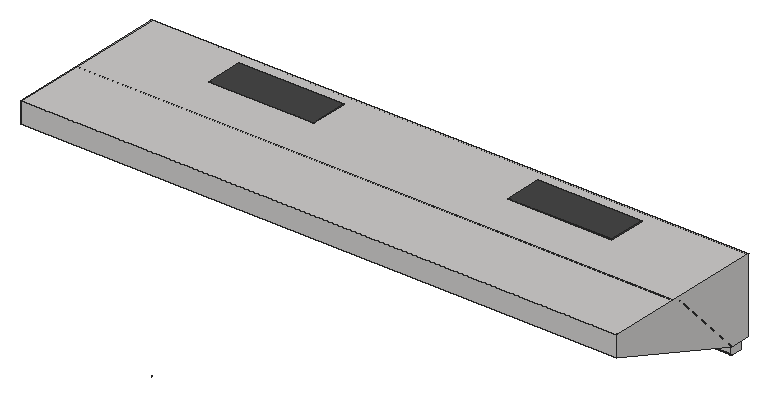
Revit family "QF_ELECTROLUXPROFESSIONAL_642096_MP1140DT", category Specialty Equipment, Revit 2014
Reference planes
  plane 1 "Center (Front/Back)": y = 0
  plane 2: z = 0
  plane 3 "Center (Left/Right)": x = 150
  plane 4 "LEFT": x = -1850
  plane 5 "RIGHT": x = 2150
  plane 6 "BACK": y = 550
  plane 7 "FRONT": y = -550
  plane 8 "Plane": z = 2000
  plane 9 "TOP": z = 2140
  plane 10 "Base": z = 1640
  plane 11: z = 1566
  plane 12 "DrainY": y = 485
  plane 13: x = -1847
  plane 14: through (0, 414.509, 1640.8) normal (0, 0.7314, 0.682)
  plane 15: y = 470
  plane 16: y = 220
  plane 17 "DrainX": x = 2030
  plane 18: x = -500
  plane 19: x = 800
  plane 20: x = -1200
  plane 21: x = 1500
  plane 22: x = 2147
  plane 23: x = 1940
  plane 24: x = 2120
  plane 25: x = -1810
  plane 26: x = -1445
  plane 27: x = -1050
  plane 28: x = 2110
  plane 29: x = 1745
  plane 30: x = 1350
  plane 31: x = -47.5
  plane 32: x = 347.5
Forms (mm)
  Extrusion 1, solid, material "QF_Finishes_Stainless Steel"
    sketch origin (-1850, 0, 0) x (0, 1, 0) y (0, 0, 1)
      loop
        line (550, 1640) -> (550, 2140) -> (-550, 2140) -> (-550, 1999.112) -> (413.973, 1640) -> (550, 1640)
    from 0 to 3
  Extrusion 2, solid, material "QF_Finishes_Stainless Steel"
    sketch origin (150, 0, 0) x (0, 1, 0) y (0, 0, 1)
      loop
        line (415.255, 1640) -> (550, 1640) -> (550, 2139.19) -> (549.2, 2139.19) -> (549.2, 1640.8) -> (415.876, 1640.8) -> (339.347, 1722.867) -> (349.609, 1732.436) -> (348.927, 1733.167) -> (337.934, 1722.917) -> (415.255, 1640)
      loop
        line (-82.203, 2139.19) -> (-82.203, 2118.6) -> (-31.047, 2118.6) -> (34.354, 2048.466) -> (46.028, 2059.352) -> (45.346, 2060.083) -> (34.403, 2049.879) -> (-30.612, 2119.6) -> (-81.203, 2119.6) -> (-81.203, 2139.19) -> (-82.203, 2139.19)
    from -1997 to 1997
  Extrusion 3, solid, material "QF_Finishes_Stainless Steel"
    sketch origin (2150, 0, 0) x (0, 1, 0) y (0, 0, 1)
      loop
        line (550, 1640) -> (550, 2140) -> (-550, 2140) -> (-550, 1999.112) -> (413.973, 1640) -> (550, 1640)
    from 0 to -3
  Extrusion 4, solid, material "QF_Finishes_Stainless Steel"
    sketch origin (150, 0, 0) x (0, 1, 0) y (0, 0, 1)
      loop
        line (-550, 2140) -> (-550, 2000) -> (-549.2, 2000) -> (-549.2, 2139.19) -> (550, 2139.19) -> (550, 2140) -> (-550, 2140)
    from -2000 to 2000
  Extrusion 5, solid, material "QF_Finishes_Stainless Steel"
    sketch origin (150, 0, 0) x (0, 1, 0) y (0, 0, 1)
      loop
        line (534, 1640) -> (436, 1640) -> (436, 1627) -> (443.5, 1627) -> (443.5, 1576)
        arc (443.5, 1576) -> (446.429, 1568.929) -> (453.5, 1566) r 10
        line (453.5, 1566) -> (516.5, 1566)
        arc (516.5, 1566) -> (523.571, 1568.929) -> (526.5, 1576) r 10
        line (526.5, 1576) -> (526.5, 1627) -> (534, 1627) -> (534, 1640)
    from 1790 to 1970
  Extrusion 6, solid, material "QF_Finishes_Stainless Steel"
    sketch origin (0, 0, 1640) x (0, 1, 0) y (-1, 0, 0)
      loop
        circle (485, -2030) r 20
    from -76 to -74
  Extrusion 7, solid, material "QF_Finished_Chrome"
    sketch origin (150, 0, 0) x (0, 1, 0) y (0, 0, 1)
      loop
        line (337.934, 1722.917) -> (341.591, 1726.327) -> (38.011, 2051.876) -> (34.354, 2048.466) -> (337.934, 1722.917)
    from -1595 to -1960
  Extrusion 8, solid, material "QF_Finished_Chrome"
    sketch origin (150, 0, 0) x (0, 1, 0) y (0, 0, 1)
      loop
        line (337.934, 1722.917) -> (341.591, 1726.327) -> (38.011, 2051.876) -> (34.354, 2048.466) -> (337.934, 1722.917)
    from -197.5 to -1200
  Extrusion 9, solid, material "QF_Finishes_Stainless Steel"
    sketch origin (150, 0, 0) x (0, 1, 0) y (0, 0, 1)
      loop
        line (337.934, 1722.917) -> (341.591, 1726.327) -> (38.011, 2051.876) -> (34.354, 2048.466) -> (337.934, 1722.917)
    from 1997 to 1960
  Extrusion 10, solid, material "QF_Finishes_Stainless Steel"
    sketch origin (150, 0, 0) x (0, 1, 0) y (0, 0, 1)
      loop
        line (341.588, 1726.324) -> (38.009, 2051.874) -> (34.354, 2048.466) -> (337.934, 1722.917) -> (341.588, 1726.324)
    from -1595 to -1200
  Extrusion 11, solid, material "QF_Finished_Chrome"
    sketch origin (150, 0, 0) x (0, 1, 0) y (0, 0, 1)
      loop
        line (341.588, 1726.324) -> (38.009, 2051.874) -> (34.354, 2048.466) -> (337.934, 1722.917) -> (341.588, 1726.324)
    from 1595 to 1960
  Extrusion 12, solid, material "QF_Finishes_Black"
    sketch origin (0, 0, 2140) x (0, 1, 0) y (-1, 0, 0)
      loop
        line (470, 1200) -> (220, 1200) -> (220, 500) -> (470, 500) -> (470, 1200)
    from 5 to 0
  Extrusion 13, solid, material "QF_Finishes_Black"
    sketch origin (940, 0, 2140) x (0, 1, 0) y (-1, 0, 0)
      loop
        line (470, 140) -> (220, 140) -> (220, -560) -> (470, -560) -> (470, 140)
    from 5 to 0
  Extrusion 14, solid, material "QF_Finishes_Stainless Steel"
    sketch origin (0, 0, 0) x (1, 0, 0) y (0, 1, 0)
      loop
        line (-1850, 550) -> (-1850, 549) -> (-1849, 549) -> (-1849, 550) -> (-1850, 550)
    from 0 to 1
  Extrusion 15, solid, material "QF_Finishes_Stainless Steel"
    sketch origin (150, 0, 0) x (0, 1, 0) y (0, 0, 1)
      loop
        line (337.934, 1722.917) -> (341.591, 1726.327) -> (38.011, 2051.876) -> (34.354, 2048.466) -> (337.934, 1722.917)
    from -1960 to -1997
  Extrusion 16, solid, material "QF_Finishes_Stainless Steel"
    sketch origin (150, 0, 0) x (0, 1, 0) y (0, 0, -1)
      loop
        line (341.588, -1726.324) -> (337.934, -1722.917) -> (34.354, -2048.466) -> (38.009, -2051.874) -> (341.588, -1726.324)
    from -1595 to -1200
  Extrusion 17, solid, material "QF_Finished_Chrome"
    sketch origin (150, 0, 0) x (0, 1, 0) y (0, 0, 1)
      loop
        line (337.934, 1722.917) -> (341.591, 1726.327) -> (38.011, 2051.876) -> (34.354, 2048.466) -> (337.934, 1722.917)
    from 1200 to 197.5
  Extrusion 18, solid, material "QF_Finishes_Stainless Steel"
    sketch origin (150, 0, 0) x (0, 1, 0) y (0, 0, -1)
      loop
        line (341.588, -1726.324) -> (337.934, -1722.917) -> (34.354, -2048.466) -> (38.009, -2051.874) -> (341.588, -1726.324)
    from -197.5 to 197.5
Cuts and joins
  joined: Extrusion 2, Extrusion 4
Lines and regions (mm)
  reference lines
    curve 1: line (150, 34.354, 2048.466) -> (150, 34.354, 1888.466)
  symbolic lines, style "SpecialityEquipment", detail levels coarse
    curve 2: line (2150, 550, 2140) -> (-1850, 550, 2140)
    curve 3: line (-1850, 550, 2140) -> (-1850, -550, 2140)
    curve 4: line (2150, -550, 2140) -> (2150, 550, 2140)
    curve 5: line (-1850, -550, 2140) -> (2150, -550, 2140)
    curve 6: line (-1200, 220, 2140) -> (-500, 220, 2140)
    curve 7: line (-1200, 470, 2140) -> (-1200, 220, 2140)
    curve 8: line (-500, 470, 2140) -> (-1200, 470, 2140)
    curve 9: line (-500, 220, 2140) -> (-500, 470, 2140)
    curve 10: line (800, 470, 2140) -> (800, 220, 2140)
    curve 11: line (800, 220, 2140) -> (1500, 220, 2140)
    curve 12: line (1500, 470, 2140) -> (800, 470, 2140)
    curve 13: line (1500, 220, 2140) -> (1500, 470, 2140)
    curve 14: line (-1850, -550, 0) -> (2150, 550, 0)
    curve 15: line (2150, -550, 0) -> (-1850, 550, 0)
Dimensions and locks
  plane 4 "LEFT" to plane 5 "RIGHT" = 4000 mm
  equal spacing: plane 4 "LEFT", plane 3 "Center (Left/Right)", plane 5 "RIGHT"
  locked: plane 8 "Plane" to level at 2000
  plane 9 "TOP" to plane 8 "Plane" = 140 mm
  locked: plane 9 "TOP" to plane 10 "Base" at 500
  plane 10 "Base" to plane 11 = 74 mm
  plane 6 "BACK" to plane 12 "DrainY" = 65 mm  (x2)
  plane 4 "LEFT" to plane 13 = 3 mm
  plane 6 "BACK" to plane 15 = 80 mm
  plane 15 to plane 16 = 250 mm  (x2)
  plane 17 "DrainX" to plane 5 "RIGHT" = 120 mm
  locked: plane 18 to plane 19 at 1300
  equal spacing: plane 18, plane 3 "Center (Left/Right)", plane 19
  plane 20 to plane 18 = 700 mm
  plane 19 to plane 21 = 700 mm
  plane 22 to plane 5 "RIGHT" = 3 mm
  locked: plane 23 to plane 17 "DrainX" at 90
  locked: plane 17 "DrainX" to plane 24 at 90
  plane 6 "BACK" to plane 7 "FRONT" = 1100 mm  (x2)
  equal spacing: plane 6 "BACK", plane 1 "Center (Front/Back)", plane 7 "FRONT"
  plane 16 to plane 7 "FRONT" = 770 mm
  plane 15 to plane 6 "BACK" = 80 mm
  locked: plane 4 "LEFT" to plane 25 at 40
  locked: plane 25 to plane 26 at 365
  locked: plane 26 to plane 27 at 395
  locked: plane 28 to plane 29 at 365
  locked: plane 29 to plane 30 at 395
  locked: plane 28 to plane 5 "RIGHT" at 40
  locked: plane 31 to plane 32 at 395
  equal spacing: plane 31, plane 3 "Center (Left/Right)", plane 32
  plane 27 to plane 31 = 1002.5 mm
  plane 32 to plane 30 = 1002.5 mm
  aligned and locked: level to plane 2
  aligned and locked: Extrusion 2 to Extrusion 1
  aligned and locked: Extrusion 2 to Extrusion 3
  aligned and locked: plane 5 "RIGHT" to Extrusion 4
  aligned and locked: Extrusion 4 to plane 4 "LEFT"
  aligned and locked: plane 22 to Extrusion 9
  aligned and locked: plane 20 to Extrusion 12
  aligned and locked: Extrusion 12 to plane 18
  aligned and locked: Extrusion 12 to plane 16
  aligned and locked: Extrusion 12 to plane 15
  aligned and locked: Extrusion 13 to plane 21
  aligned and locked: plane 19 to Extrusion 13
  aligned and locked: Extrusion 2 to Extrusion 4
  aligned and locked: plane 24 to Extrusion 5
  aligned and locked: Extrusion 5 to plane 23
  aligned and locked: Extrusion 9 to plane 28
  aligned and locked: Extrusion 11 to plane 28
  aligned and locked: Extrusion 11 to plane 29
  aligned and locked: Extrusion 8 to plane 27
  aligned and locked: plane 27 to Extrusion 10
  aligned and locked: Extrusion 10 to plane 26
  aligned and locked: plane 26 to Extrusion 7
  aligned and locked: Extrusion 7 to plane 25
  aligned and locked: Extrusion 15 to plane 13
  aligned and locked: plane 25 to Extrusion 15
  aligned and locked: Extrusion 16 to plane 30
  aligned and locked: Extrusion 16 to plane 29
  aligned and locked: Extrusion 3 to plane 22
  aligned and locked: plane 31 to Extrusion 8
  aligned and locked: Extrusion 17 to plane 30
  aligned and locked: Extrusion 17 to plane 32
  aligned and locked: plane 32 to Extrusion 18
  aligned and locked: Extrusion 18 to plane 31
Automatic sketch dimensions
  curve 5 to plane 4 "LEFT" = 0 mm
  curve 5 to plane 7 "FRONT" = 0 mm
  curve 9 to plane 16 = 0 mm
  curve 10 to plane 16 = 0 mm
  plane 15 to curve 8 = 0 mm
  plane 15 to curve 12 = 0 mm
  curve 3 to plane 6 "BACK" = 0 mm
  curve 5 to plane 5 "RIGHT" = 0 mm
  curve 11 to plane 21 = 0 mm
  curve 10 to plane 19 = 0 mm
  curve 6 to plane 18 = 0 mm
  curve 6 to plane 20 = 0 mm
  Extrusion 1 sketch curve to plane 7 "FRONT" = 0 mm
  Extrusion 1 sketch curve to plane 10 "Base" = 0 mm
  Extrusion 1 sketch curve to plane 6 "BACK" = 0 mm
  Extrusion 1 sketch curve to plane 9 "TOP" = 0 mm
  plane 15 to Extrusion 1 sketch curve = 56.027 mm
  Extrusion 1 sketch curve to plane 8 "Plane" = 0.888 mm
  Extrusion 2 sketch curve to plane 14 = 0 mm  (x3)
  Extrusion 2 sketch curve to plane 10 "Base" = 0 mm
  plane 14 to Extrusion 2 sketch curve = 0 mm
  Extrusion 2 sketch curve to plane 6 "BACK" = 0 mm
  Extrusion 2 sketch curve to Extrusion 2 sketch curve = 65.646 mm
  Extrusion 2 sketch curve to Extrusion 2 sketch curve = 0.682 mm  (x2)
  Extrusion 2 sketch curve to Extrusion 2 sketch curve = 10.261 mm
  plane 10 "Base" to Extrusion 2 sketch curve = 82.917 mm
  Extrusion 2 sketch curve to plane 1 "Center (Front/Back)" = 46.028 mm
  Extrusion 2 sketch curve to Extrusion 2 sketch curve = 10.942 mm
  Extrusion 2 sketch curve to Extrusion 2 sketch curve = 0.049 mm
  Extrusion 2 sketch curve to plane 9 "TOP" = 20.4 mm
  Extrusion 2 sketch curve to plane 9 "TOP" = 21.4 mm
  Extrusion 2 sketch curve to plane 9 "TOP" = 0.81 mm  (x2)
  Extrusion 2 sketch curve to Extrusion 2 sketch curve = 50.156 mm
  Extrusion 2 sketch curve to Extrusion 2 sketch curve = 1 mm
  plane 10 "Base" to Extrusion 2 sketch curve = 0.8 mm
  Extrusion 2 sketch curve to plane 6 "BACK" = 0.8 mm
  Extrusion 3 sketch curve to plane 7 "FRONT" = 0 mm
  Extrusion 3 sketch curve to plane 10 "Base" = 0 mm
  Extrusion 3 sketch curve to plane 6 "BACK" = 0 mm
  Extrusion 3 sketch curve to plane 9 "TOP" = 0 mm
  plane 15 to Extrusion 3 sketch curve = 56.027 mm
  Extrusion 3 sketch curve to plane 8 "Plane" = 0.888 mm
  Extrusion 4 sketch curve to plane 7 "FRONT" = 0 mm
  Extrusion 4 sketch curve to plane 8 "Plane" = 0 mm
  Extrusion 4 sketch curve to plane 6 "BACK" = 0 mm
  Extrusion 4 sketch curve to plane 9 "TOP" = 0 mm
  plane 7 "FRONT" to Extrusion 4 sketch curve = 0.8 mm
  Extrusion 4 sketch curve to plane 9 "TOP" = 0.81 mm
  curve 1 to plane 14 = 0 mm
  curve 1 to plane 1 "Center (Front/Back)" = 34.354 mm
  curve 1 to plane 8 "Plane" = 111.534 mm
  Extrusion 5 sketch curve to plane 10 "Base" = 0 mm
  Extrusion 5 sketch curve to plane 11 = 0 mm
  Extrusion 5 sketch curve to plane 10 "Base" = 13 mm  (x2)
  plane 15 to Extrusion 5 sketch curve = 34 mm
  Extrusion 5 sketch curve to Extrusion 5 sketch curve = 7.5 mm  (x2)
  Extrusion 5 sketch curve to Extrusion 5 sketch curve = 10 mm
  plane 12 "DrainY" to Extrusion 5 sketch curve = 31.5 mm
  Extrusion 5 sketch curve to plane 6 "BACK" = 23.5 mm
  Extrusion 6 sketch curve to plane 12 "DrainY" = 0 mm
  Extrusion 6 sketch curve to plane 17 "DrainX" = 0 mm
  Extrusion 7 sketch curve to plane 14 = 0 mm  (x2)
  Extrusion 7 sketch curve to plane 1 "Center (Front/Back)" = 34.354 mm
  Extrusion 7 sketch curve to Extrusion 7 sketch curve = 3.657 mm
  plane 10 "Base" to Extrusion 7 sketch curve = 82.917 mm
  Extrusion 8 sketch curve to plane 14 = 0 mm  (x2)
  Extrusion 8 sketch curve to plane 1 "Center (Front/Back)" = 34.354 mm
  Extrusion 8 sketch curve to Extrusion 8 sketch curve = 3.657 mm
  plane 10 "Base" to Extrusion 8 sketch curve = 82.917 mm
  Extrusion 9 sketch curve to plane 14 = 0 mm  (x2)
  Extrusion 9 sketch curve to plane 1 "Center (Front/Back)" = 34.354 mm
  Extrusion 9 sketch curve to Extrusion 9 sketch curve = 3.657 mm
  plane 10 "Base" to Extrusion 9 sketch curve = 82.917 mm
  Extrusion 10 sketch curve to plane 14 = 0 mm  (x2)
  Extrusion 10 sketch curve to plane 1 "Center (Front/Back)" = 34.354 mm
  Extrusion 10 sketch curve to Extrusion 10 sketch curve = 3.655 mm
  plane 10 "Base" to Extrusion 10 sketch curve = 82.917 mm
  Extrusion 11 sketch curve to plane 14 = 0 mm  (x2)
  Extrusion 11 sketch curve to plane 1 "Center (Front/Back)" = 34.354 mm
  Extrusion 11 sketch curve to Extrusion 11 sketch curve = 3.655 mm
  plane 10 "Base" to Extrusion 11 sketch curve = 82.917 mm
  Extrusion 12 sketch curve to plane 16 = 0 mm
  plane 15 to Extrusion 12 sketch curve = 0 mm
  Extrusion 12 sketch curve to plane 18 = 0 mm
  Extrusion 12 sketch curve to plane 20 = 0 mm
  Extrusion 13 sketch curve to plane 16 = 0 mm
  plane 15 to Extrusion 13 sketch curve = 0 mm
  Extrusion 13 sketch curve to plane 21 = 0 mm
  Extrusion 13 sketch curve to plane 19 = 0 mm
  Extrusion 14 sketch curve to plane 4 "LEFT" = 0 mm
  Extrusion 14 sketch curve to plane 6 "BACK" = 0 mm
  plane 4 "LEFT" to Extrusion 14 sketch curve = 1 mm
  Extrusion 14 sketch curve to Extrusion 14 sketch curve = 1 mm
  Extrusion 15 sketch curve to plane 14 = 0 mm  (x2)
  Extrusion 15 sketch curve to plane 1 "Center (Front/Back)" = 34.354 mm
  Extrusion 15 sketch curve to Extrusion 15 sketch curve = 3.657 mm
  plane 10 "Base" to Extrusion 15 sketch curve = 82.917 mm
  Extrusion 16 sketch curve to plane 14 = 0 mm  (x2)
  Extrusion 16 sketch curve to plane 1 "Center (Front/Back)" = 34.354 mm
  Extrusion 16 sketch curve to Extrusion 16 sketch curve = 3.655 mm
  plane 10 "Base" to Extrusion 16 sketch curve = 82.917 mm
  Extrusion 17 sketch curve to plane 14 = 0 mm  (x2)
  Extrusion 17 sketch curve to plane 1 "Center (Front/Back)" = 34.354 mm
  Extrusion 17 sketch curve to Extrusion 17 sketch curve = 3.657 mm
  plane 10 "Base" to Extrusion 17 sketch curve = 82.917 mm
  Extrusion 18 sketch curve to plane 14 = 0 mm  (x2)
  Extrusion 18 sketch curve to plane 1 "Center (Front/Back)" = 34.354 mm
  Extrusion 18 sketch curve to Extrusion 18 sketch curve = 3.655 mm
  plane 10 "Base" to Extrusion 18 sketch curve = 82.917 mm
  curve 15 to plane 4 "LEFT" = 0 mm
  curve 14 to plane 4 "LEFT" = 0 mm
  curve 15 to plane 5 "RIGHT" = 0 mm
  curve 14 to plane 5 "RIGHT" = 0 mm
  curve 15 to plane 7 "FRONT" = 0 mm
  curve 14 to plane 7 "FRONT" = 0 mm
  curve 15 to plane 6 "BACK" = 0 mm
  curve 14 to plane 6 "BACK" = 0 mm
  radius of Extrusion 6 sketch curve = 20 mm
Connectors
  piping at (2030, 485, 1564), diameter 20
    settings: on Extrusion 6, index 1, connector inside diameter 609.6 mm, connector length 0 mm, flow factor 0, pipe flow 0.0 L/s, pressure drop 0.0 Pa, fitting loss kfactor 0, connector angle 0.00°, fixture units 0, engagement length 0 mm, angle of deflection 0.00°, flow configuration 1, flow direction 2, fitting loss method 0, system type 16, joint type 0, gender type 0, connector reference index -1, connector utility 0, adjustable connector no, is connector primary yes, connector description "Drain"
  hvac at (-850, 345, 2145)
    settings: on Extrusion 12, index 2, duct flow 0.0 L/s, flow factor 0, pres drop 0.0 Pa, loss coef 0, conn angle 0.00°, conn width 250 mm, conn height 700 mm, conn diameter 609.6 mm, duct sys type 3, conn prof type 1, flow config 1, flow direction 0, loss method 0, conn ref index -1, conn util no, is conn primary yes, conn desc "EXHAUST OUTLET"
  hvac at (1150, 345, 2145)
    settings: on Extrusion 13, index 3, duct flow 0.0 L/s, flow factor 0, pres drop 0.0 Pa, loss coef 0, conn angle 0.00°, conn width 250 mm, conn height 700 mm, conn diameter 609.6 mm, duct sys type 3, conn prof type 1, flow config 1, flow direction 0, loss method 0, conn ref index -1, conn util no, is conn primary no, conn desc "EXHAUST OUTLET"
